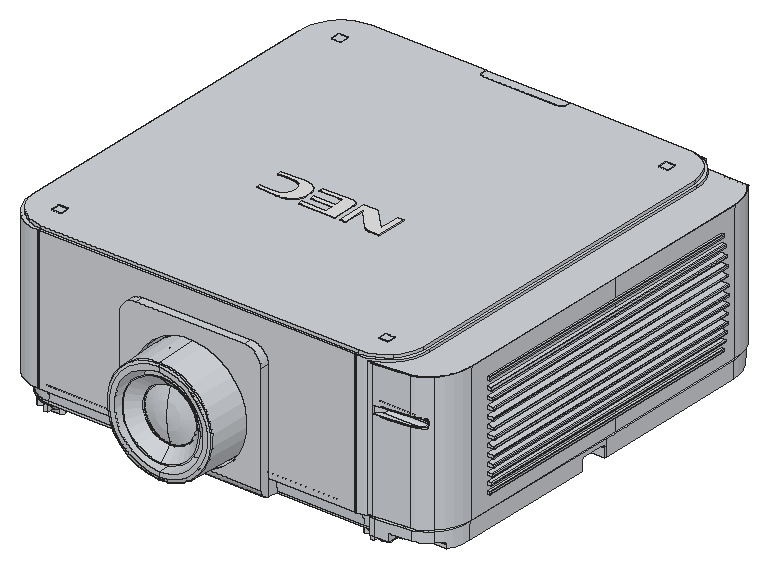
Revit family "PX602UL", category Generic Models, Revit 2012 (continued)
Forms (in)
  Extrusion 32, void
    sketch origin (0, 0, 0) x (0, 1, 0) y (0, 0, 1)
      loop
        line (12.80398, 2.75124) -> (13.86296, 2.75124)
        arc (13.86296, 2.75124) -> (13.87913, 2.75794) -> (13.88583, 2.77411) r 0.02286
        line (13.88583, 2.77411) -> (13.88583, 2.87547)
      loop
        arc (12.70472, 2.87547) -> (12.69844, 2.89063) -> (12.68328, 2.89691) r 0.02144
        line (12.68328, 2.89691) -> (11.58151, 2.89691)
        arc (11.58151, 2.89691) -> (11.56548, 2.89027) -> (11.55884, 2.87424) r 0.02267
        line (11.55884, 2.87424) -> (11.55884, 2.7703)
        arc (11.55884, 2.7703) -> (11.56604, 2.75297) -> (11.5834, 2.74586) r 0.02444
        line (11.5834, 2.74586) -> (12.68301, 2.75123)
        arc (12.68301, 2.75123) -> (12.69837, 2.75766) -> (12.70472, 2.77305) r 0.02182
        line (12.70472, 2.77305) -> (12.70472, 2.87547)
      loop
        line (11.48841, 2.77658) -> (11.48841, 2.8798)
        arc (11.48841, 2.8798) -> (11.48187, 2.89558) -> (11.46609, 2.90211) r 0.02231
        line (11.46609, 2.90211) -> (10.41449, 2.90198)
        arc (10.41449, 2.90198) -> (10.39144, 2.89242) -> (10.38189, 2.86937) r 0.03261
        line (10.38189, 2.86937) -> (10.38189, 2.77374)
        arc (10.38189, 2.77374) -> (10.38848, 2.75783) -> (10.40438, 2.75124) r 0.02249
        line (10.40438, 2.75124) -> (11.46307, 2.75124)
        arc (11.46307, 2.75124) -> (11.48098, 2.75867) -> (11.48841, 2.77658) r 0.02534
      loop
        arc (10.30315, 2.87559) -> (10.2969, 2.89067) -> (10.28183, 2.89691) r 0.02132
        line (10.28183, 2.89691) -> (9.22339, 2.89691)
        arc (9.22339, 2.89691) -> (9.20741, 2.89029) -> (9.20079, 2.87431) r 0.0226
        line (9.20079, 2.87431) -> (9.20079, 2.77271)
        arc (9.20079, 2.77271) -> (9.20707, 2.75753) -> (9.22225, 2.75124) r 0.02146
        line (9.22225, 2.75124) -> (10.28178, 2.75124)
        arc (10.28178, 2.75124) -> (10.29689, 2.7575) -> (10.30315, 2.77261) r 0.02137
        line (10.30315, 2.77261) -> (10.30315, 2.87559)
      loop
        arc (9.12205, 2.87576) -> (9.11585, 2.89072) -> (9.1009, 2.89691) r 0.02115
        line (9.1009, 2.89691) -> (8.04105, 2.89691)
        arc (8.04105, 2.89691) -> (8.02594, 2.89066) -> (8.01969, 2.87555) r 0.02137
        line (8.01969, 2.87555) -> (8.01969, 2.77225)
        arc (8.01969, 2.77225) -> (8.02584, 2.7574) -> (8.04069, 2.75124) r 0.021
        line (8.04069, 2.75124) -> (9.09901, 2.75124)
        arc (9.09901, 2.75124) -> (9.1153, 2.75799) -> (9.12205, 2.77428) r 0.02304
        line (9.12205, 2.77428) -> (9.12205, 2.87576)
      loop
        arc (7.94094, 2.87568) -> (7.93473, 2.8907) -> (7.91971, 2.89691) r 0.02123
        line (7.91971, 2.89691) -> (6.81961, 2.89691)
        arc (6.81961, 2.89691) -> (6.80519, 2.89094) -> (6.79921, 2.87652) r 0.0204
        line (6.79921, 2.87652) -> (6.79921, 2.77368)
        arc (6.79921, 2.77368) -> (6.80578, 2.75782) -> (6.82165, 2.75124) r 0.02244
        line (6.82165, 2.75124) -> (7.92041, 2.75124)
        arc (7.92041, 2.75124) -> (7.93493, 2.75726) -> (7.94094, 2.77178) r 0.02053
        line (7.94094, 2.77178) -> (7.94094, 2.87568)
      loop
        line (16.24803, 3.0029) -> (16.24803, 3.0968)
        arc (16.24803, 3.0968) -> (16.24035, 3.11536) -> (16.22179, 3.12305) r 0.02624
        line (16.22179, 3.12305) -> (15.16716, 3.12305)
        arc (15.16716, 3.12305) -> (15.15196, 3.11675) -> (15.14567, 3.10155) r 0.02149
        line (15.14567, 3.10155) -> (15.14567, 3.00045)
        arc (15.14567, 3.00045) -> (15.15243, 2.98413) -> (15.16874, 2.97738) r 0.02307
        line (15.16874, 2.97738) -> (16.22251, 2.97738)
        arc (16.22251, 2.97738) -> (16.24056, 2.98485) -> (16.24803, 3.0029) r 0.02552
      loop
        arc (15.06693, 3.10102) -> (15.06048, 3.11659) -> (15.0449, 3.12305) r 0.02203
        line (15.0449, 3.12305) -> (13.98681, 3.12305)
        arc (13.98681, 3.12305) -> (13.97108, 3.11653) -> (13.96457, 3.1008) r 0.02225
        line (13.96457, 3.1008) -> (13.96457, 2.99899)
        arc (13.96457, 2.99899) -> (13.9709, 2.98371) -> (13.98618, 2.97738) r 0.02161
        line (13.98618, 2.97738) -> (15.04456, 2.97738)
        arc (15.04456, 2.97738) -> (15.06038, 2.98393) -> (15.06693, 2.99975) r 0.02237
        line (15.06693, 2.99975) -> (15.06693, 3.10102)
      loop
        arc (13.88583, 3.1016) -> (13.87954, 3.11676) -> (13.86438, 3.12305) r 0.02145
        line (13.86438, 3.12305) -> (12.80478, 3.12305)
        arc (12.80478, 3.12305) -> (12.78971, 3.1168) -> (12.78346, 3.10173) r 0.02131
        line (12.78346, 3.10173) -> (12.78346, 2.99789)
        arc (12.78346, 2.99789) -> (12.78947, 2.98339) -> (12.80398, 2.97738) r 0.02052
        line (12.80398, 2.97738) -> (13.86296, 2.97738)
        arc (13.86296, 2.97738) -> (13.87913, 2.98407) -> (13.88583, 3.00024) r 0.02286
        line (13.88583, 3.00024) -> (13.88583, 3.1016)
      loop
        arc (12.70472, 3.1016) -> (12.69844, 3.11677) -> (12.68328, 3.12305) r 0.02144
        line (12.68328, 3.12305) -> (11.58151, 3.12305)
        arc (11.58151, 3.12305) -> (11.56548, 3.11641) -> (11.55884, 3.10038) r 0.02267
        line (11.55884, 3.10038) -> (11.55884, 2.99643)
        arc (11.55884, 2.99643) -> (11.56604, 2.9791) -> (11.5834, 2.97199) r 0.02444
        line (11.5834, 2.97199) -> (12.68301, 2.97737)
        arc (12.68301, 2.97737) -> (12.69837, 2.98379) -> (12.70472, 2.99918) r 0.02182
        line (12.70472, 2.99918) -> (12.70472, 3.1016)
      loop
        line (11.48841, 3.00272) -> (11.48841, 3.10593)
        arc (11.48841, 3.10593) -> (11.48187, 3.12171) -> (11.46609, 3.12824) r 0.02231
        line (11.46609, 3.12824) -> (10.41449, 3.12811)
        arc (10.41449, 3.12811) -> (10.39144, 3.11856) -> (10.38189, 3.0955) r 0.03261
        line (10.38189, 3.0955) -> (10.38189, 2.99987)
        arc (10.38189, 2.99987) -> (10.38848, 2.98396) -> (10.40438, 2.97738) r 0.02249
        line (10.40438, 2.97738) -> (11.46307, 2.97738)
        arc (11.46307, 2.97738) -> (11.48098, 2.9848) -> (11.48841, 3.00272) r 0.02534
      loop
        arc (10.30315, 3.10172) -> (10.2969, 3.1168) -> (10.28183, 3.12305) r 0.02132
        line (10.28183, 3.12305) -> (9.22339, 3.12305)
        arc (9.22339, 3.12305) -> (9.20741, 3.11643) -> (9.20079, 3.10044) r 0.0226
        line (9.20079, 3.10044) -> (9.20079, 2.99884)
        arc (9.20079, 2.99884) -> (9.20707, 2.98366) -> (9.22225, 2.97738) r 0.02146
        line (9.22225, 2.97738) -> (10.28178, 2.97738)
        arc (10.28178, 2.97738) -> (10.29689, 2.98364) -> (10.30315, 2.99874) r 0.02137
        line (10.30315, 2.99874) -> (10.30315, 3.10172)
      loop
        arc (9.12205, 3.10189) -> (9.11585, 3.11685) -> (9.1009, 3.12305) r 0.02115
        line (9.1009, 3.12305) -> (8.04105, 3.12305)
        arc (8.04105, 3.12305) -> (8.02594, 3.11679) -> (8.01969, 3.10168) r 0.02137
        line (8.01969, 3.10168) -> (8.01969, 2.99838)
        arc (8.01969, 2.99838) -> (8.02584, 2.98353) -> (8.04069, 2.97738) r 0.021
        line (8.04069, 2.97738) -> (9.09901, 2.97738)
        arc (9.09901, 2.97738) -> (9.1153, 2.98412) -> (9.12205, 3.00041) r 0.02304
        line (9.12205, 3.00041) -> (9.12205, 3.10189)
      loop
        arc (7.94094, 3.10181) -> (7.93473, 3.11683) -> (7.91971, 3.12305) r 0.02123
        line (7.91971, 3.12305) -> (6.81961, 3.12305)
        arc (6.81961, 3.12305) -> (6.80519, 3.11707) -> (6.79921, 3.10265) r 0.0204
        line (6.79921, 3.10265) -> (6.79921, 2.99982)
        arc (6.79921, 2.99982) -> (6.80578, 2.98395) -> (6.82165, 2.97738) r 0.02244
        line (6.82165, 2.97738) -> (7.92041, 2.97738)
        arc (7.92041, 2.97738) -> (7.93493, 2.98339) -> (7.94094, 2.99791) r 0.02053
        line (7.94094, 2.99791) -> (7.94094, 3.10181)
      loop
        line (16.24803, 3.22353) -> (16.24803, 3.31744)
        arc (16.24803, 3.31744) -> (16.24035, 3.336) -> (16.22179, 3.34368) r 0.02624
        line (16.22179, 3.34368) -> (15.16716, 3.34368)
        arc (15.16716, 3.34368) -> (15.15196, 3.33739) -> (15.14567, 3.32219) r 0.02149
        line (15.14567, 3.32219) -> (15.14567, 3.22109)
        arc (15.14567, 3.22109) -> (15.15243, 3.20477) -> (15.16874, 3.19801) r 0.02307
        line (15.16874, 3.19801) -> (16.22251, 3.19801)
        arc (16.22251, 3.19801) -> (16.24056, 3.20549) -> (16.24803, 3.22353) r 0.02552
      loop
        arc (15.06693, 3.32165) -> (15.06048, 3.33723) -> (15.0449, 3.34368) r 0.02203
        line (15.0449, 3.34368) -> (13.98681, 3.34368)
        arc (13.98681, 3.34368) -> (13.97108, 3.33717) -> (13.96457, 3.32143) r 0.02225
        line (13.96457, 3.32143) -> (13.96457, 3.21962)
        arc (13.96457, 3.21962) -> (13.9709, 3.20434) -> (13.98618, 3.19801) r 0.02161
        line (13.98618, 3.19801) -> (15.04456, 3.19801)
        arc (15.04456, 3.19801) -> (15.06038, 3.20456) -> (15.06693, 3.22038) r 0.02237
        line (15.06693, 3.22038) -> (15.06693, 3.32165)
      loop
        arc (13.88583, 3.32223) -> (13.87954, 3.3374) -> (13.86438, 3.34368) r 0.02145
        line (13.86438, 3.34368) -> (12.80478, 3.34368)
        arc (12.80478, 3.34368) -> (12.78971, 3.33744) -> (12.78346, 3.32237) r 0.02131
        line (12.78346, 3.32237) -> (12.78346, 3.21853)
        arc (12.78346, 3.21853) -> (12.78947, 3.20402) -> (12.80398, 3.19801) r 0.02052
        line (12.80398, 3.19801) -> (13.86296, 3.19801)
        arc (13.86296, 3.19801) -> (13.87913, 3.20471) -> (13.88583, 3.22088) r 0.02286
        line (13.88583, 3.22088) -> (13.88583, 3.32223)
      loop
        arc (12.70472, 3.32224) -> (12.69844, 3.3374) -> (12.68328, 3.34368) r 0.02144
        line (12.68328, 3.34368) -> (11.58151, 3.34368)
        arc (11.58151, 3.34368) -> (11.56548, 3.33704) -> (11.55884, 3.32101) r 0.02267
        line (11.55884, 3.32101) -> (11.55884, 3.21706)
        arc (11.55884, 3.21706) -> (11.56604, 3.19974) -> (11.5834, 3.19262) r 0.02444
        line (11.5834, 3.19262) -> (12.68301, 3.198)
        arc (12.68301, 3.198) -> (12.69837, 3.20443) -> (12.70472, 3.21982) r 0.02182
        line (12.70472, 3.21982) -> (12.70472, 3.32224)
      loop
        line (11.48841, 3.22335) -> (11.48841, 3.32657)
        arc (11.48841, 3.32657) -> (11.48187, 3.34234) -> (11.46609, 3.34888) r 0.02231
        line (11.46609, 3.34888) -> (10.41449, 3.34874)
        arc (10.41449, 3.34874) -> (10.39144, 3.33919) -> (10.38189, 3.31614) r 0.03261
        line (10.38189, 3.31614) -> (10.38189, 3.2205)
        arc (10.38189, 3.2205) -> (10.38848, 3.2046) -> (10.40438, 3.19801) r 0.02249
        line (10.40438, 3.19801) -> (11.46307, 3.19801)
        arc (11.46307, 3.19801) -> (11.48098, 3.20543) -> (11.48841, 3.22335) r 0.02534
      loop
        arc (10.30315, 3.32236) -> (10.2969, 3.33744) -> (10.28183, 3.34368) r 0.02132
        line (10.28183, 3.34368) -> (9.22339, 3.34368)
        arc (9.22339, 3.34368) -> (9.20741, 3.33706) -> (9.20079, 3.32108) r 0.0226
        line (9.20079, 3.32108) -> (9.20079, 3.21948)
        arc (9.20079, 3.21948) -> (9.20707, 3.2043) -> (9.22225, 3.19801) r 0.02146
        line (9.22225, 3.19801) -> (10.28178, 3.19801)
        arc (10.28178, 3.19801) -> (10.29689, 3.20427) -> (10.30315, 3.21938) r 0.02137
        line (10.30315, 3.21938) -> (10.30315, 3.32236)
      loop
        arc (9.12205, 3.32253) -> (9.11585, 3.33749) -> (9.1009, 3.34368) r 0.02115
        line (9.1009, 3.34368) -> (8.04105, 3.34368)
        arc (8.04105, 3.34368) -> (8.02594, 3.33742) -> (8.01969, 3.32231) r 0.02137
        line (8.01969, 3.32231) -> (8.01969, 3.21901)
        arc (8.01969, 3.21901) -> (8.02584, 3.20416) -> (8.04069, 3.19801) r 0.021
        line (8.04069, 3.19801) -> (9.09901, 3.19801)
        arc (9.09901, 3.19801) -> (9.1153, 3.20476) -> (9.12205, 3.22105) r 0.02304
        line (9.12205, 3.22105) -> (9.12205, 3.32253)
      loop
        arc (7.94094, 3.32245) -> (7.93473, 3.33746) -> (7.91971, 3.34368) r 0.02123
        line (7.91971, 3.34368) -> (6.81961, 3.34368)
        arc (6.81961, 3.34368) -> (6.80519, 3.33771) -> (6.79921, 3.32329) r 0.0204
        line (6.79921, 3.32329) -> (6.79921, 3.22045)
        arc (6.79921, 3.22045) -> (6.80578, 3.20458) -> (6.82165, 3.19801) r 0.02244
        line (6.82165, 3.19801) -> (7.92041, 3.19801)
        arc (7.92041, 3.19801) -> (7.93493, 3.20403) -> (7.94094, 3.21854) r 0.02053
        line (7.94094, 3.21854) -> (7.94094, 3.32245)
      loop
        line (16.24803, 3.4498) -> (16.24803, 3.54371)
        arc (16.24803, 3.54371) -> (16.24035, 3.56227) -> (16.22179, 3.56995) r 0.02624
        line (16.22179, 3.56995) -> (15.16716, 3.56995)
        arc (15.16716, 3.56995) -> (15.15196, 3.56366) -> (15.14567, 3.54846) r 0.02149
        line (15.14567, 3.54846) -> (15.14567, 3.44736)
        arc (15.14567, 3.44736) -> (15.15243, 3.43104) -> (15.16874, 3.42428) r 0.02307
        line (15.16874, 3.42428) -> (16.22251, 3.42428)
        arc (16.22251, 3.42428) -> (16.24056, 3.43176) -> (16.24803, 3.4498) r 0.02552
      loop
        arc (15.06693, 3.54792) -> (15.06048, 3.5635) -> (15.0449, 3.56995) r 0.02203
        line (15.0449, 3.56995) -> (13.98681, 3.56995)
        arc (13.98681, 3.56995) -> (13.97108, 3.56344) -> (13.96457, 3.54771) r 0.02225
        line (13.96457, 3.54771) -> (13.96457, 3.44589)
        arc (13.96457, 3.44589) -> (13.9709, 3.43061) -> (13.98618, 3.42428) r 0.02161
        line (13.98618, 3.42428) -> (15.04456, 3.42428)
        arc (15.04456, 3.42428) -> (15.06038, 3.43084) -> (15.06693, 3.44665) r 0.02237
        line (15.06693, 3.44665) -> (15.06693, 3.54792)
      loop
        arc (13.88583, 3.54851) -> (13.87954, 3.56367) -> (13.86438, 3.56995) r 0.02145
        line (13.86438, 3.56995) -> (12.80478, 3.56995)
        arc (12.80478, 3.56995) -> (12.78971, 3.56371) -> (12.78346, 3.54864) r 0.02131
        line (12.78346, 3.54864) -> (12.78346, 3.4448)
        arc (12.78346, 3.4448) -> (12.78947, 3.43029) -> (12.80398, 3.42428) r 0.02052
        line (12.80398, 3.42428) -> (13.86296, 3.42428)
        arc (13.86296, 3.42428) -> (13.87913, 3.43098) -> (13.88583, 3.44715) r 0.02286
        line (13.88583, 3.44715) -> (13.88583, 3.54851)
      loop
        arc (12.70472, 3.54851) -> (12.69844, 3.56367) -> (12.68328, 3.56995) r 0.02144
        line (12.68328, 3.56995) -> (11.58151, 3.56995)
        arc (11.58151, 3.56995) -> (11.56548, 3.56331) -> (11.55884, 3.54728) r 0.02267
        line (11.55884, 3.54728) -> (11.55884, 3.44334)
        arc (11.55884, 3.44334) -> (11.56604, 3.42601) -> (11.5834, 3.41889) r 0.02444
        line (11.5834, 3.41889) -> (12.68301, 3.42427)
        arc (12.68301, 3.42427) -> (12.69837, 3.4307) -> (12.70472, 3.44609) r 0.02182
        line (12.70472, 3.44609) -> (12.70472, 3.54851)
      loop
        line (11.48841, 3.44962) -> (11.48841, 3.55284)
        arc (11.48841, 3.55284) -> (11.48187, 3.56862) -> (11.46609, 3.57515) r 0.02231
        line (11.46609, 3.57515) -> (10.41449, 3.57502)
        arc (10.41449, 3.57502) -> (10.39144, 3.56546) -> (10.38189, 3.54241) r 0.03261
        line (10.38189, 3.54241) -> (10.38189, 3.44678)
        arc (10.38189, 3.44678) -> (10.38848, 3.43087) -> (10.40438, 3.42428) r 0.02249
        line (10.40438, 3.42428) -> (11.46307, 3.42428)
        arc (11.46307, 3.42428) -> (11.48098, 3.43171) -> (11.48841, 3.44962) r 0.02534
      loop
        arc (10.30315, 3.54863) -> (10.2969, 3.56371) -> (10.28183, 3.56995) r 0.02132
        line (10.28183, 3.56995) -> (9.22339, 3.56995)
        arc (9.22339, 3.56995) -> (9.20741, 3.56333) -> (9.20079, 3.54735) r 0.0226
        line (9.20079, 3.54735) -> (9.20079, 3.44575)
        arc (9.20079, 3.44575) -> (9.20707, 3.43057) -> (9.22225, 3.42428) r 0.02146
        line (9.22225, 3.42428) -> (10.28178, 3.42428)
        arc (10.28178, 3.42428) -> (10.29689, 3.43054) -> (10.30315, 3.44565) r 0.02137
        line (10.30315, 3.44565) -> (10.30315, 3.54863)
      loop
        arc (9.12205, 3.5488) -> (9.11585, 3.56376) -> (9.1009, 3.56995) r 0.02115
        line (9.1009, 3.56995) -> (8.04105, 3.56995)
        arc (8.04105, 3.56995) -> (8.02594, 3.5637) -> (8.01969, 3.54859) r 0.02137
        line (8.01969, 3.54859) -> (8.01969, 3.44529)
        arc (8.01969, 3.44529) -> (8.02584, 3.43044) -> (8.04069, 3.42428) r 0.021
        line (8.04069, 3.42428) -> (9.09901, 3.42428)
        arc (9.09901, 3.42428) -> (9.1153, 3.43103) -> (9.12205, 3.44732) r 0.02304
        line (9.12205, 3.44732) -> (9.12205, 3.5488)
      loop
        arc (7.94094, 3.54872) -> (7.93473, 3.56373) -> (7.91971, 3.56995) r 0.02123
        line (7.91971, 3.56995) -> (6.81961, 3.56995)
        arc (6.81961, 3.56995) -> (6.80519, 3.56398) -> (6.79921, 3.54956) r 0.0204
        line (6.79921, 3.54956) -> (6.79921, 3.44672)
        arc (6.79921, 3.44672) -> (6.80578, 3.43086) -> (6.82165, 3.42428) r 0.02244
        line (6.82165, 3.42428) -> (7.92041, 3.42428)
        arc (7.92041, 3.42428) -> (7.93493, 3.4303) -> (7.94094, 3.44482) r 0.02053
        line (7.94094, 3.44482) -> (7.94094, 3.54872)
      loop
        line (16.24803, 3.67506) -> (16.24803, 3.76896)
        arc (16.24803, 3.76896) -> (16.24035, 3.78752) -> (16.22179, 3.79521) r 0.02624
        line (16.22179, 3.79521) -> (15.16716, 3.79521)
        arc (15.16716, 3.79521) -> (15.15196, 3.78891) -> (15.14567, 3.77371) r 0.02149
        line (15.14567, 3.77371) -> (15.14567, 3.67261)
        arc (15.14567, 3.67261) -> (15.15243, 3.6563) -> (15.16874, 3.64954) r 0.02307
        line (15.16874, 3.64954) -> (16.22251, 3.64954)
        arc (16.22251, 3.64954) -> (16.24056, 3.65701) -> (16.24803, 3.67506) r 0.02552
      loop
        arc (15.06693, 3.77318) -> (15.06048, 3.78875) -> (15.0449, 3.79521) r 0.02203
        line (15.0449, 3.79521) -> (13.98681, 3.79521)
        arc (13.98681, 3.79521) -> (13.97108, 3.78869) -> (13.96457, 3.77296) r 0.02225
        line (13.96457, 3.77296) -> (13.96457, 3.67115)
        arc (13.96457, 3.67115) -> (13.9709, 3.65587) -> (13.98618, 3.64954) r 0.02161
        line (13.98618, 3.64954) -> (15.04456, 3.64954)
        arc (15.04456, 3.64954) -> (15.06038, 3.65609) -> (15.06693, 3.67191) r 0.02237
        line (15.06693, 3.67191) -> (15.06693, 3.77318)
      loop
        arc (13.88583, 3.77376) -> (13.87954, 3.78892) -> (13.86438, 3.79521) r 0.02145
        line (13.86438, 3.79521) -> (12.80478, 3.79521)
        arc (12.80478, 3.79521) -> (12.78971, 3.78896) -> (12.78346, 3.77389) r 0.02131
        line (12.78346, 3.77389) -> (12.78346, 3.67005)
        arc (12.78346, 3.67005) -> (12.78947, 3.65555) -> (12.80398, 3.64954) r 0.02052
        line (12.80398, 3.64954) -> (13.86296, 3.64954)
        arc (13.86296, 3.64954) -> (13.87913, 3.65623) -> (13.88583, 3.6724) r 0.02286
        line (13.88583, 3.6724) -> (13.88583, 3.77376)
      loop
        arc (12.70472, 3.77377) -> (12.69844, 3.78893) -> (12.68328, 3.79521) r 0.02144
        line (12.68328, 3.79521) -> (11.58151, 3.79521)
        arc (11.58151, 3.79521) -> (11.56548, 3.78857) -> (11.55884, 3.77254) r 0.02267
        line (11.55884, 3.77254) -> (11.55884, 3.66859)
        arc (11.55884, 3.66859) -> (11.56604, 3.65126) -> (11.5834, 3.64415) r 0.02444
        line (11.5834, 3.64415) -> (12.68301, 3.64953)
        arc (12.68301, 3.64953) -> (12.69837, 3.65595) -> (12.70472, 3.67134) r 0.02182
        line (12.70472, 3.67134) -> (12.70472, 3.77377)
      loop
        line (11.48841, 3.67488) -> (11.48841, 3.77809)
        arc (11.48841, 3.77809) -> (11.48187, 3.79387) -> (11.46609, 3.8004) r 0.02231
        line (11.46609, 3.8004) -> (10.41449, 3.80027)
        arc (10.41449, 3.80027) -> (10.39144, 3.79072) -> (10.38189, 3.76766) r 0.03261
        line (10.38189, 3.76766) -> (10.38189, 3.67203)
        arc (10.38189, 3.67203) -> (10.38848, 3.65612) -> (10.40438, 3.64954) r 0.02249
        line (10.40438, 3.64954) -> (11.46307, 3.64954)
        arc (11.46307, 3.64954) -> (11.48098, 3.65696) -> (11.48841, 3.67488) r 0.02534
      loop
        arc (10.30315, 3.77388) -> (10.2969, 3.78896) -> (10.28183, 3.79521) r 0.02132
        line (10.28183, 3.79521) -> (9.22339, 3.79521)
        arc (9.22339, 3.79521) -> (9.20741, 3.78859) -> (9.20079, 3.7726) r 0.0226
        line (9.20079, 3.7726) -> (9.20079, 3.671)
        arc (9.20079, 3.671) -> (9.20707, 3.65582) -> (9.22225, 3.64954) r 0.02146
        line (9.22225, 3.64954) -> (10.28178, 3.64954)
        arc (10.28178, 3.64954) -> (10.29689, 3.6558) -> (10.30315, 3.67091) r 0.02137
        line (10.30315, 3.67091) -> (10.30315, 3.77388)
      loop
        arc (9.12205, 3.77406) -> (9.11585, 3.78901) -> (9.1009, 3.79521) r 0.02115
        line (9.1009, 3.79521) -> (8.04105, 3.79521)
        arc (8.04105, 3.79521) -> (8.02594, 3.78895) -> (8.01969, 3.77384) r 0.02137
        line (8.01969, 3.77384) -> (8.01969, 3.67054)
        arc (8.01969, 3.67054) -> (8.02584, 3.65569) -> (8.04069, 3.64954) r 0.021
        line (8.04069, 3.64954) -> (9.09901, 3.64954)
        arc (9.09901, 3.64954) -> (9.1153, 3.65628) -> (9.12205, 3.67258) r 0.02304
        line (9.12205, 3.67258) -> (9.12205, 3.77406)
      loop
        arc (7.94094, 3.77397) -> (7.93473, 3.78899) -> (7.91971, 3.79521) r 0.02123
        line (7.91971, 3.79521) -> (6.81961, 3.79521)
        arc (6.81961, 3.79521) -> (6.80519, 3.78923) -> (6.79921, 3.77481) r 0.0204
        line (6.79921, 3.77481) -> (6.79921, 3.67198)
        arc (6.79921, 3.67198) -> (6.80578, 3.65611) -> (6.82165, 3.64954) r 0.02244
        line (6.82165, 3.64954) -> (7.92041, 3.64954)
        arc (7.92041, 3.64954) -> (7.93493, 3.65555) -> (7.94094, 3.67007) r 0.02053
        line (7.94094, 3.67007) -> (7.94094, 3.77397)
      loop
        line (16.24803, 3.89716) -> (16.24803, 3.99106)
        arc (16.24803, 3.99106) -> (16.24035, 4.00962) -> (16.22179, 4.01731) r 0.02624
        line (16.22179, 4.01731) -> (15.16716, 4.01731)
        arc (15.16716, 4.01731) -> (15.15196, 4.01101) -> (15.14567, 3.99581) r 0.02149
        line (15.14567, 3.99581) -> (15.14567, 3.89471)
        arc (15.14567, 3.89471) -> (15.15243, 3.8784) -> (15.16874, 3.87164) r 0.02307
        line (15.16874, 3.87164) -> (16.22251, 3.87164)
        arc (16.22251, 3.87164) -> (16.24056, 3.87911) -> (16.24803, 3.89716) r 0.02552
      loop
        arc (15.06693, 3.99528) -> (15.06048, 4.01085) -> (15.0449, 4.01731) r 0.02203
        line (15.0449, 4.01731) -> (13.98681, 4.01731)
        arc (13.98681, 4.01731) -> (13.97108, 4.01079) -> (13.96457, 3.99506) r 0.02225
        line (13.96457, 3.99506) -> (13.96457, 3.89325)
        arc (13.96457, 3.89325) -> (13.9709, 3.87797) -> (13.98618, 3.87164) r 0.02161
        line (13.98618, 3.87164) -> (15.04456, 3.87164)
        arc (15.04456, 3.87164) -> (15.06038, 3.87819) -> (15.06693, 3.89401) r 0.02237
        line (15.06693, 3.89401) -> (15.06693, 3.99528)
      loop
        arc (13.88583, 3.99586) -> (13.87954, 4.01102) -> (13.86438, 4.01731) r 0.02145
        line (13.86438, 4.01731) -> (12.80478, 4.01731)
        arc (12.80478, 4.01731) -> (12.78971, 4.01106) -> (12.78346, 3.99599) r 0.02131
        line (12.78346, 3.99599) -> (12.78346, 3.89215)
        arc (12.78346, 3.89215) -> (12.78947, 3.87765) -> (12.80398, 3.87164) r 0.02052
        line (12.80398, 3.87164) -> (13.86296, 3.87164)
        arc (13.86296, 3.87164) -> (13.87913, 3.87833) -> (13.88583, 3.8945) r 0.02286
        line (13.88583, 3.8945) -> (13.88583, 3.99586)
      loop
        arc (12.70472, 3.99587) -> (12.69844, 4.01103) -> (12.68328, 4.01731) r 0.02144
        line (12.68328, 4.01731) -> (11.58151, 4.01731)
        arc (11.58151, 4.01731) -> (11.56548, 4.01067) -> (11.55884, 3.99464) r 0.02267
        line (11.55884, 3.99464) -> (11.55884, 3.89069)
        arc (11.55884, 3.89069) -> (11.56604, 3.87336) -> (11.5834, 3.86625) r 0.02444
        line (11.5834, 3.86625) -> (12.68301, 3.87163)
        arc (12.68301, 3.87163) -> (12.69837, 3.87805) -> (12.70472, 3.89344) r 0.02182
        line (12.70472, 3.89344) -> (12.70472, 3.99587)
      loop
        line (11.48841, 3.89698) -> (11.48841, 4.00019)
        arc (11.48841, 4.00019) -> (11.48187, 4.01597) -> (11.46609, 4.0225) r 0.02231
        line (11.46609, 4.0225) -> (10.41449, 4.02237)
        arc (10.41449, 4.02237) -> (10.39144, 4.01282) -> (10.38189, 3.98976) r 0.03261
        line (10.38189, 3.98976) -> (10.38189, 3.89413)
        arc (10.38189, 3.89413) -> (10.38848, 3.87822) -> (10.40438, 3.87164) r 0.02249
        line (10.40438, 3.87164) -> (11.46307, 3.87164)
        arc (11.46307, 3.87164) -> (11.48098, 3.87906) -> (11.48841, 3.89698) r 0.02534
      loop
        arc (10.30315, 3.99598) -> (10.2969, 4.01106) -> (10.28183, 4.01731) r 0.02132
        line (10.28183, 4.01731) -> (9.22339, 4.01731)
        arc (9.22339, 4.01731) -> (9.20741, 4.01069) -> (9.20079, 3.9947) r 0.0226
        line (9.20079, 3.9947) -> (9.20079, 3.8931)
        arc (9.20079, 3.8931) -> (9.20707, 3.87792) -> (9.22225, 3.87164) r 0.02146
        line (9.22225, 3.87164) -> (10.28178, 3.87164)
        arc (10.28178, 3.87164) -> (10.29689, 3.8779) -> (10.30315, 3.89301) r 0.02137
        line (10.30315, 3.89301) -> (10.30315, 3.99598)
      loop
        arc (9.12205, 3.99616) -> (9.11585, 4.01111) -> (9.1009, 4.01731) r 0.02115
        line (9.1009, 4.01731) -> (8.04105, 4.01731)
        arc (8.04105, 4.01731) -> (8.02594, 4.01105) -> (8.01969, 3.99594) r 0.02137
        line (8.01969, 3.99594) -> (8.01969, 3.89264)
        arc (8.01969, 3.89264) -> (8.02584, 3.87779) -> (8.04069, 3.87164) r 0.021
        line (8.04069, 3.87164) -> (9.09901, 3.87164)
        arc (9.09901, 3.87164) -> (9.1153, 3.87839) -> (9.12205, 3.89468) r 0.02304
        line (9.12205, 3.89468) -> (9.12205, 3.99616)
      loop
        arc (7.94094, 3.99608) -> (7.93473, 4.01109) -> (7.91971, 4.01731) r 0.02123
        line (7.91971, 4.01731) -> (6.81961, 4.01731)
        arc (6.81961, 4.01731) -> (6.80519, 4.01133) -> (6.79921, 3.99691) r 0.0204
        line (6.79921, 3.99691) -> (6.79921, 3.89408)
        arc (6.79921, 3.89408) -> (6.80578, 3.87821) -> (6.82165, 3.87164) r 0.02244
        line (6.82165, 3.87164) -> (7.92041, 3.87164)
        arc (7.92041, 3.87164) -> (7.93493, 3.87765) -> (7.94094, 3.89217) r 0.02053
        line (7.94094, 3.89217) -> (7.94094, 3.99608)
      loop
        line (16.24803, 4.1206) -> (16.24803, 4.21451)
        arc (16.24803, 4.21451) -> (16.24035, 4.23307) -> (16.22179, 4.24075) r 0.02624
        line (16.22179, 4.24075) -> (15.16716, 4.24075)
        arc (15.16716, 4.24075) -> (15.15196, 4.23446) -> (15.14567, 4.21926) r 0.02149
        line (15.14567, 4.21926) -> (15.14567, 4.11816)
        arc (15.14567, 4.11816) -> (15.15243, 4.10184) -> (15.16874, 4.09509) r 0.02307
        line (15.16874, 4.09509) -> (16.22251, 4.09509)
        arc (16.22251, 4.09509) -> (16.24056, 4.10256) -> (16.24803, 4.1206) r 0.02552
      loop
        arc (15.06693, 4.21872) -> (15.06048, 4.2343) -> (15.0449, 4.24075) r 0.02203
        line (15.0449, 4.24075) -> (13.98681, 4.24075)
        arc (13.98681, 4.24075) -> (13.97108, 4.23424) -> (13.96457, 4.21851) r 0.02225
        line (13.96457, 4.21851) -> (13.96457, 4.11669)
        arc (13.96457, 4.11669) -> (13.9709, 4.10141) -> (13.98618, 4.09509) r 0.02161
        line (13.98618, 4.09509) -> (15.04456, 4.09509)
        arc (15.04456, 4.09509) -> (15.06038, 4.10164) -> (15.06693, 4.11745) r 0.02237
        line (15.06693, 4.11745) -> (15.06693, 4.21872)
      loop
        arc (13.88583, 4.21931) -> (13.87954, 4.23447) -> (13.86438, 4.24075) r 0.02145
        line (13.86438, 4.24075) -> (12.80478, 4.24075)
        arc (12.80478, 4.24075) -> (12.78971, 4.23451) -> (12.78346, 4.21944) r 0.02131
        line (12.78346, 4.21944) -> (12.78346, 4.1156)
        arc (12.78346, 4.1156) -> (12.78947, 4.10109) -> (12.80398, 4.09509) r 0.02052
        line (12.80398, 4.09509) -> (13.86296, 4.09509)
        arc (13.86296, 4.09509) -> (13.87913, 4.10178) -> (13.88583, 4.11795) r 0.02286
        line (13.88583, 4.11795) -> (13.88583, 4.21931)
      loop
        arc (12.70472, 4.21931) -> (12.69844, 4.23447) -> (12.68328, 4.24075) r 0.02144
        line (12.68328, 4.24075) -> (11.58151, 4.24075)
        arc (11.58151, 4.24075) -> (11.56548, 4.23411) -> (11.55884, 4.21808) r 0.02267
        line (11.55884, 4.21808) -> (11.55884, 4.11414)
        arc (11.55884, 4.11414) -> (11.56604, 4.09681) -> (11.5834, 4.0897) r 0.02444
        line (11.5834, 4.0897) -> (12.68301, 4.09508)
        arc (12.68301, 4.09508) -> (12.69837, 4.1015) -> (12.70472, 4.11689) r 0.02182
        line (12.70472, 4.11689) -> (12.70472, 4.21931)
      loop
        line (11.48841, 4.12042) -> (11.48841, 4.22364)
        arc (11.48841, 4.22364) -> (11.48187, 4.23942) -> (11.46609, 4.24595) r 0.02231
        line (11.46609, 4.24595) -> (10.41449, 4.24582)
        arc (10.41449, 4.24582) -> (10.39144, 4.23626) -> (10.38189, 4.21321) r 0.03261
        line (10.38189, 4.21321) -> (10.38189, 4.11758)
        arc (10.38189, 4.11758) -> (10.38848, 4.10167) -> (10.40438, 4.09509) r 0.02249
        line (10.40438, 4.09509) -> (11.46307, 4.09509)
        arc (11.46307, 4.09509) -> (11.48098, 4.10251) -> (11.48841, 4.12042) r 0.02534
      loop
        arc (10.30315, 4.21943) -> (10.2969, 4.23451) -> (10.28183, 4.24075) r 0.02132
        line (10.28183, 4.24075) -> (9.22339, 4.24075)
        arc (9.22339, 4.24075) -> (9.20741, 4.23413) -> (9.20079, 4.21815) r 0.0226
        line (9.20079, 4.21815) -> (9.20079, 4.11655)
        arc (9.20079, 4.11655) -> (9.20707, 4.10137) -> (9.22225, 4.09509) r 0.02146
        line (9.22225, 4.09509) -> (10.28178, 4.09509)
        arc (10.28178, 4.09509) -> (10.29689, 4.10134) -> (10.30315, 4.11645) r 0.02137
        line (10.30315, 4.11645) -> (10.30315, 4.21943)
      loop
        arc (9.12205, 4.2196) -> (9.11585, 4.23456) -> (9.1009, 4.24075) r 0.02115
        line (9.1009, 4.24075) -> (8.04105, 4.24075)
        arc (8.04105, 4.24075) -> (8.02594, 4.2345) -> (8.01969, 4.21939) r 0.02137
        line (8.01969, 4.21939) -> (8.01969, 4.11609)
        arc (8.01969, 4.11609) -> (8.02584, 4.10124) -> (8.04069, 4.09509) r 0.021
        line (8.04069, 4.09509) -> (9.09901, 4.09509)
        arc (9.09901, 4.09509) -> (9.1153, 4.10183) -> (9.12205, 4.11812) r 0.02304
        line (9.12205, 4.11812) -> (9.12205, 4.2196)
      loop
        arc (7.94094, 4.21952) -> (7.93473, 4.23454) -> (7.91971, 4.24075) r 0.02123
        line (7.91971, 4.24075) -> (6.81961, 4.24075)
        arc (6.81961, 4.24075) -> (6.80519, 4.23478) -> (6.79921, 4.22036) r 0.0204
        line (6.79921, 4.22036) -> (6.79921, 4.11752)
        arc (6.79921, 4.11752) -> (6.80578, 4.10166) -> (6.82165, 4.09509) r 0.02244
        line (6.82165, 4.09509) -> (7.92041, 4.09509)
        arc (7.92041, 4.09509) -> (7.93493, 4.1011) -> (7.94094, 4.11562) r 0.02053
        line (7.94094, 4.11562) -> (7.94094, 4.21952)
      loop
        line (16.24803, 4.3488) -> (16.24803, 4.4427)
        arc (16.24803, 4.4427) -> (16.24035, 4.46126) -> (16.22179, 4.46895) r 0.02624
        line (16.22179, 4.46895) -> (15.16716, 4.46895)
        arc (15.16716, 4.46895) -> (15.15196, 4.46265) -> (15.14567, 4.44745) r 0.02149
        line (15.14567, 4.44745) -> (15.14567, 4.34635)
        arc (15.14567, 4.34635) -> (15.15243, 4.33003) -> (15.16874, 4.32328) r 0.02307
        line (15.16874, 4.32328) -> (16.22251, 4.32328)
        arc (16.22251, 4.32328) -> (16.24056, 4.33075) -> (16.24803, 4.3488) r 0.02552
      loop
        arc (15.06693, 4.44692) -> (15.06048, 4.46249) -> (15.0449, 4.46895) r 0.02203
        line (15.0449, 4.46895) -> (13.98681, 4.46895)
        arc (13.98681, 4.46895) -> (13.97108, 4.46243) -> (13.96457, 4.4467) r 0.02225
        line (13.96457, 4.4467) -> (13.96457, 4.34489)
        arc (13.96457, 4.34489) -> (13.9709, 4.32961) -> (13.98618, 4.32328) r 0.02161
        line (13.98618, 4.32328) -> (15.04456, 4.32328)
        arc (15.04456, 4.32328) -> (15.06038, 4.32983) -> (15.06693, 4.34565) r 0.02237
        line (15.06693, 4.34565) -> (15.06693, 4.44692)
      loop
        arc (13.88583, 4.4475) -> (13.87954, 4.46266) -> (13.86438, 4.46895) r 0.02145
        line (13.86438, 4.46895) -> (12.80478, 4.46895)
        arc (12.80478, 4.46895) -> (12.78971, 4.4627) -> (12.78346, 4.44763) r 0.02131
        line (12.78346, 4.44763) -> (12.78346, 4.34379)
        arc (12.78346, 4.34379) -> (12.78947, 4.32929) -> (12.80398, 4.32328) r 0.02052
        line (12.80398, 4.32328) -> (13.86296, 4.32328)
        arc (13.86296, 4.32328) -> (13.87913, 4.32997) -> (13.88583, 4.34614) r 0.02286
        line (13.88583, 4.34614) -> (13.88583, 4.4475)
      loop
        arc (12.70472, 4.4475) -> (12.69844, 4.46267) -> (12.68328, 4.46895) r 0.02144
        line (12.68328, 4.46895) -> (11.58151, 4.46895)
        arc (11.58151, 4.46895) -> (11.56548, 4.46231) -> (11.55884, 4.44628) r 0.02267
        line (11.55884, 4.44628) -> (11.55884, 4.34233)
        arc (11.55884, 4.34233) -> (11.56604, 4.325) -> (11.5834, 4.31789) r 0.02444
        line (11.5834, 4.31789) -> (12.68301, 4.32327)
        arc (12.68301, 4.32327) -> (12.69837, 4.32969) -> (12.70472, 4.34508) r 0.02182
        line (12.70472, 4.34508) -> (12.70472, 4.4475)
      loop
        line (11.48841, 4.34862) -> (11.48841, 4.45183)
        arc (11.48841, 4.45183) -> (11.48187, 4.46761) -> (11.46609, 4.47414) r 0.02231
        line (11.46609, 4.47414) -> (10.41449, 4.47401)
        arc (10.41449, 4.47401) -> (10.39144, 4.46446) -> (10.38189, 4.4414) r 0.03261
        line (10.38189, 4.4414) -> (10.38189, 4.34577)
        arc (10.38189, 4.34577) -> (10.38848, 4.32986) -> (10.40438, 4.32328) r 0.02249
        line (10.40438, 4.32328) -> (11.46307, 4.32328)
        arc (11.46307, 4.32328) -> (11.48098, 4.3307) -> (11.48841, 4.34862) r 0.02534
      loop
        arc (10.30315, 4.44762) -> (10.2969, 4.4627) -> (10.28183, 4.46895) r 0.02132
        line (10.28183, 4.46895) -> (9.22339, 4.46895)
        arc (9.22339, 4.46895) -> (9.20741, 4.46233) -> (9.20079, 4.44634) r 0.0226
        line (9.20079, 4.44634) -> (9.20079, 4.34474)
        arc (9.20079, 4.34474) -> (9.20707, 4.32956) -> (9.22225, 4.32328) r 0.02146
        line (9.22225, 4.32328) -> (10.28178, 4.32328)
        arc (10.28178, 4.32328) -> (10.29689, 4.32954) -> (10.30315, 4.34465) r 0.02137
        line (10.30315, 4.34465) -> (10.30315, 4.44762)
      loop
        arc (9.12205, 4.44779) -> (9.11585, 4.46275) -> (9.1009, 4.46895) r 0.02115
        line (9.1009, 4.46895) -> (8.04105, 4.46895)
        arc (8.04105, 4.46895) -> (8.02594, 4.46269) -> (8.01969, 4.44758) r 0.02137
        line (8.01969, 4.44758) -> (8.01969, 4.34428)
        arc (8.01969, 4.34428) -> (8.02584, 4.32943) -> (8.04069, 4.32328) r 0.021
        line (8.04069, 4.32328) -> (9.09901, 4.32328)
        arc (9.09901, 4.32328) -> (9.1153, 4.33002) -> (9.12205, 4.34631) r 0.02304
        line (9.12205, 4.34631) -> (9.12205, 4.44779)
      loop
        arc (7.94094, 4.44771) -> (7.93473, 4.46273) -> (7.91971, 4.46895) r 0.02123
        line (7.91971, 4.46895) -> (6.81961, 4.46895)
        arc (6.81961, 4.46895) -> (6.80519, 4.46297) -> (6.79921, 4.44855) r 0.0204
        line (6.79921, 4.44855) -> (6.79921, 4.34572)
        arc (6.79921, 4.34572) -> (6.80578, 4.32985) -> (6.82165, 4.32328) r 0.02244
        line (6.82165, 4.32328) -> (7.92041, 4.32328)
        arc (7.92041, 4.32328) -> (7.93493, 4.32929) -> (7.94094, 4.34381) r 0.02053
        line (7.94094, 4.34381) -> (7.94094, 4.44771)
      loop
        line (16.24803, 4.57507) -> (16.24803, 4.66898)
        arc (16.24803, 4.66898) -> (16.24035, 4.68753) -> (16.22179, 4.69522) r 0.02624
        line (16.22179, 4.69522) -> (15.16716, 4.69522)
        arc (15.16716, 4.69522) -> (15.15196, 4.68892) -> (15.14567, 4.67373) r 0.02149
        line (15.14567, 4.67373) -> (15.14567, 4.57262)
        arc (15.14567, 4.57262) -> (15.15243, 4.55631) -> (15.16874, 4.54955) r 0.02307
        line (15.16874, 4.54955) -> (16.22251, 4.54955)
        arc (16.22251, 4.54955) -> (16.24056, 4.55702) -> (16.24803, 4.57507) r 0.02552
      loop
        arc (15.06693, 4.67319) -> (15.06048, 4.68877) -> (15.0449, 4.69522) r 0.02203
        line (15.0449, 4.69522) -> (13.98681, 4.69522)
        arc (13.98681, 4.69522) -> (13.97108, 4.6887) -> (13.96457, 4.67297) r 0.02225
        line (13.96457, 4.67297) -> (13.96457, 4.57116)
        arc (13.96457, 4.57116) -> (13.9709, 4.55588) -> (13.98618, 4.54955) r 0.02161
        line (13.98618, 4.54955) -> (15.04456, 4.54955)
        arc (15.04456, 4.54955) -> (15.06038, 4.5561) -> (15.06693, 4.57192) r 0.02237
        line (15.06693, 4.57192) -> (15.06693, 4.67319)
      loop
        arc (13.88583, 4.67377) -> (13.87954, 4.68894) -> (13.86438, 4.69522) r 0.02145
        line (13.86438, 4.69522) -> (12.80478, 4.69522)
        arc (12.80478, 4.69522) -> (12.78971, 4.68897) -> (12.78346, 4.6739) r 0.02131
        line (12.78346, 4.6739) -> (12.78346, 4.57007)
        arc (12.78346, 4.57007) -> (12.78947, 4.55556) -> (12.80398, 4.54955) r 0.02052
        line (12.80398, 4.54955) -> (13.86296, 4.54955)
        arc (13.86296, 4.54955) -> (13.87913, 4.55625) -> (13.88583, 4.57241) r 0.02286
        line (13.88583, 4.57241) -> (13.88583, 4.67377)
      loop
        arc (12.70472, 4.67378) -> (12.69844, 4.68894) -> (12.68328, 4.69522) r 0.02144
        line (12.68328, 4.69522) -> (11.58151, 4.69522)
        arc (11.58151, 4.69522) -> (11.56548, 4.68858) -> (11.55884, 4.67255) r 0.02267
        line (11.55884, 4.67255) -> (11.55884, 4.5686)
        arc (11.55884, 4.5686) -> (11.56604, 4.55128) -> (11.5834, 4.54416) r 0.02444
        line (11.5834, 4.54416) -> (12.68301, 4.54954)
        arc (12.68301, 4.54954) -> (12.69837, 4.55597) -> (12.70472, 4.57135) r 0.02182
        line (12.70472, 4.57135) -> (12.70472, 4.67378)
      loop
        line (11.48841, 4.57489) -> (11.48841, 4.6781)
        arc (11.48841, 4.6781) -> (11.48187, 4.69388) -> (11.46609, 4.70041) r 0.02231
        line (11.46609, 4.70041) -> (10.41449, 4.70028)
        arc (10.41449, 4.70028) -> (10.39144, 4.69073) -> (10.38189, 4.66767) r 0.03261
        line (10.38189, 4.66767) -> (10.38189, 4.57204)
        arc (10.38189, 4.57204) -> (10.38848, 4.55614) -> (10.40438, 4.54955) r 0.02249
        line (10.40438, 4.54955) -> (11.46307, 4.54955)
        arc (11.46307, 4.54955) -> (11.48098, 4.55697) -> (11.48841, 4.57489) r 0.02534
      loop
        arc (10.30315, 4.6739) -> (10.2969, 4.68897) -> (10.28183, 4.69522) r 0.02132
        line (10.28183, 4.69522) -> (9.22339, 4.69522)
        arc (9.22339, 4.69522) -> (9.20741, 4.6886) -> (9.20079, 4.67261) r 0.0226
        line (9.20079, 4.67261) -> (9.20079, 4.57101)
        arc (9.20079, 4.57101) -> (9.20707, 4.55584) -> (9.22225, 4.54955) r 0.02146
        line (9.22225, 4.54955) -> (10.28178, 4.54955)
        arc (10.28178, 4.54955) -> (10.29689, 4.55581) -> (10.30315, 4.57092) r 0.02137
        line (10.30315, 4.57092) -> (10.30315, 4.6739)
      loop
        arc (9.12205, 4.67407) -> (9.11585, 4.68902) -> (9.1009, 4.69522) r 0.02115
        line (9.1009, 4.69522) -> (8.04105, 4.69522)
        arc (8.04105, 4.69522) -> (8.02594, 4.68896) -> (8.01969, 4.67385) r 0.02137
        line (8.01969, 4.67385) -> (8.01969, 4.57055)
        arc (8.01969, 4.57055) -> (8.02584, 4.5557) -> (8.04069, 4.54955) r 0.021
        line (8.04069, 4.54955) -> (9.09901, 4.54955)
        arc (9.09901, 4.54955) -> (9.1153, 4.5563) -> (9.12205, 4.57259) r 0.02304
        line (9.12205, 4.57259) -> (9.12205, 4.67407)
      loop
        arc (7.94094, 4.67399) -> (7.93473, 4.689) -> (7.91971, 4.69522) r 0.02123
        line (7.91971, 4.69522) -> (6.81961, 4.69522)
        arc (6.81961, 4.69522) -> (6.80519, 4.68924) -> (6.79921, 4.67482) r 0.0204
        line (6.79921, 4.67482) -> (6.79921, 4.57199)
        arc (6.79921, 4.57199) -> (6.80578, 4.55612) -> (6.82165, 4.54955) r 0.02244
        line (6.82165, 4.54955) -> (7.92041, 4.54955)
        arc (7.92041, 4.54955) -> (7.93493, 4.55556) -> (7.94094, 4.57008) r 0.02053
        line (7.94094, 4.57008) -> (7.94094, 4.67399)
      loop
        line (16.24803, 4.79797) -> (16.24803, 4.89188)
        arc (16.24803, 4.89188) -> (16.24035, 4.91043) -> (16.22179, 4.91812) r 0.02624
        line (16.22179, 4.91812) -> (15.16716, 4.91812)
        arc (15.16716, 4.91812) -> (15.15196, 4.91182) -> (15.14567, 4.89663) r 0.02149
        line (15.14567, 4.89663) -> (15.14567, 4.79552)
        arc (15.14567, 4.79552) -> (15.15243, 4.77921) -> (15.16874, 4.77245) r 0.02307
        line (15.16874, 4.77245) -> (16.22251, 4.77245)
        arc (16.22251, 4.77245) -> (16.24056, 4.77992) -> (16.24803, 4.79797) r 0.02552
      loop
        arc (15.06693, 4.89609) -> (15.06048, 4.91167) -> (15.0449, 4.91812) r 0.02203
        line (15.0449, 4.91812) -> (13.98681, 4.91812)
        arc (13.98681, 4.91812) -> (13.97108, 4.9116) -> (13.96457, 4.89587) r 0.02225
        line (13.96457, 4.89587) -> (13.96457, 4.79406)
        arc (13.96457, 4.79406) -> (13.9709, 4.77878) -> (13.98618, 4.77245) r 0.02161
        line (13.98618, 4.77245) -> (15.04456, 4.77245)
        arc (15.04456, 4.77245) -> (15.06038, 4.779) -> (15.06693, 4.79482) r 0.02237
        line (15.06693, 4.79482) -> (15.06693, 4.89609)
      loop
        arc (13.88583, 4.89667) -> (13.87954, 4.91184) -> (13.86438, 4.91812) r 0.02145
        line (13.86438, 4.91812) -> (12.80478, 4.91812)
        arc (12.80478, 4.91812) -> (12.78971, 4.91188) -> (12.78346, 4.8968) r 0.02131
        line (12.78346, 4.8968) -> (12.78346, 4.79297)
        arc (12.78346, 4.79297) -> (12.78947, 4.77846) -> (12.80398, 4.77245) r 0.02052
        line (12.80398, 4.77245) -> (13.86296, 4.77245)
        arc (13.86296, 4.77245) -> (13.87913, 4.77915) -> (13.88583, 4.79531) r 0.02286
        line (13.88583, 4.79531) -> (13.88583, 4.89667)
      loop
        arc (12.70472, 4.89668) -> (12.69844, 4.91184) -> (12.68328, 4.91812) r 0.02144
        line (12.68328, 4.91812) -> (11.58151, 4.91812)
        arc (11.58151, 4.91812) -> (11.56548, 4.91148) -> (11.55884, 4.89545) r 0.02267
        line (11.55884, 4.89545) -> (11.55884, 4.7915)
        arc (11.55884, 4.7915) -> (11.56604, 4.77418) -> (11.5834, 4.76706) r 0.02444
        line (11.5834, 4.76706) -> (12.68301, 4.77244)
        arc (12.68301, 4.77244) -> (12.69837, 4.77887) -> (12.70472, 4.79425) r 0.02182
        line (12.70472, 4.79425) -> (12.70472, 4.89668)
      loop
        line (11.48841, 4.79779) -> (11.48841, 4.901)
        arc (11.48841, 4.901) -> (11.48187, 4.91678) -> (11.46609, 4.92331) r 0.02231
        line (11.46609, 4.92331) -> (10.41449, 4.92318)
        arc (10.41449, 4.92318) -> (10.39144, 4.91363) -> (10.38189, 4.89057) r 0.03261
        line (10.38189, 4.89057) -> (10.38189, 4.79494)
        arc (10.38189, 4.79494) -> (10.38848, 4.77904) -> (10.40438, 4.77245) r 0.02249
        line (10.40438, 4.77245) -> (11.46307, 4.77245)
        arc (11.46307, 4.77245) -> (11.48098, 4.77987) -> (11.48841, 4.79779) r 0.02534
      loop
        arc (10.30315, 4.8968) -> (10.2969, 4.91187) -> (10.28183, 4.91812) r 0.02132
        line (10.28183, 4.91812) -> (9.22339, 4.91812)
        arc (9.22339, 4.91812) -> (9.20741, 4.9115) -> (9.20079, 4.89551) r 0.0226
        line (9.20079, 4.89551) -> (9.20079, 4.79391)
        arc (9.20079, 4.79391) -> (9.20707, 4.77874) -> (9.22225, 4.77245) r 0.02146
        line (9.22225, 4.77245) -> (10.28178, 4.77245)
        arc (10.28178, 4.77245) -> (10.29689, 4.77871) -> (10.30315, 4.79382) r 0.02137
        line (10.30315, 4.79382) -> (10.30315, 4.8968)
      loop
        arc (9.12205, 4.89697) -> (9.11585, 4.91192) -> (9.1009, 4.91812) r 0.02115
        line (9.1009, 4.91812) -> (8.04105, 4.91812)
        arc (8.04105, 4.91812) -> (8.02594, 4.91186) -> (8.01969, 4.89675) r 0.02137
        line (8.01969, 4.89675) -> (8.01969, 4.79345)
        arc (8.01969, 4.79345) -> (8.02584, 4.7786) -> (8.04069, 4.77245) r 0.021
        line (8.04069, 4.77245) -> (9.09901, 4.77245)
        arc (9.09901, 4.77245) -> (9.1153, 4.7792) -> (9.12205, 4.79549) r 0.02304
        line (9.12205, 4.79549) -> (9.12205, 4.89697)
      loop
        arc (7.94094, 4.89689) -> (7.93473, 4.9119) -> (7.91971, 4.91812) r 0.02123
        line (7.91971, 4.91812) -> (6.81961, 4.91812)
        arc (6.81961, 4.91812) -> (6.80519, 4.91214) -> (6.79921, 4.89772) r 0.0204
        line (6.79921, 4.89772) -> (6.79921, 4.79489)
        arc (6.79921, 4.79489) -> (6.80578, 4.77902) -> (6.82165, 4.77245) r 0.02244
        line (6.82165, 4.77245) -> (7.92041, 4.77245)
        arc (7.92041, 4.77245) -> (7.93493, 4.77846) -> (7.94094, 4.79298) r 0.02053
        line (7.94094, 4.79298) -> (7.94094, 4.89689)
      loop
        line (16.24803, 5.02176) -> (16.24803, 5.11566)
        arc (16.24803, 5.11566) -> (16.24035, 5.13422) -> (16.22179, 5.14191) r 0.02624
        line (16.22179, 5.14191) -> (15.16716, 5.14191)
        arc (15.16716, 5.14191) -> (15.15196, 5.13561) -> (15.14567, 5.12041) r 0.02149
        line (15.14567, 5.12041) -> (15.14567, 5.01931)
        arc (15.14567, 5.01931) -> (15.15243, 5.00299) -> (15.16874, 4.99624) r 0.02307
        line (15.16874, 4.99624) -> (16.22251, 4.99624)
        arc (16.22251, 4.99624) -> (16.24056, 5.00371) -> (16.24803, 5.02176) r 0.02552
      loop
        arc (15.06693, 5.11988) -> (15.06048, 5.13545) -> (15.0449, 5.14191) r 0.02203
        line (15.0449, 5.14191) -> (13.98681, 5.14191)
        arc (13.98681, 5.14191) -> (13.97108, 5.13539) -> (13.96457, 5.11966) r 0.02225
        line (13.96457, 5.11966) -> (13.96457, 5.01785)
        arc (13.96457, 5.01785) -> (13.9709, 5.00257) -> (13.98618, 4.99624) r 0.02161
        line (13.98618, 4.99624) -> (15.04456, 4.99624)
        arc (15.04456, 4.99624) -> (15.06038, 5.00279) -> (15.06693, 5.01861) r 0.02237
        line (15.06693, 5.01861) -> (15.06693, 5.11988)
      loop
        arc (13.88583, 5.12046) -> (13.87954, 5.13562) -> (13.86438, 5.14191) r 0.02145
        line (13.86438, 5.14191) -> (12.80478, 5.14191)
        arc (12.80478, 5.14191) -> (12.78971, 5.13566) -> (12.78346, 5.12059) r 0.02131
        line (12.78346, 5.12059) -> (12.78346, 5.01675)
        arc (12.78346, 5.01675) -> (12.78947, 5.00225) -> (12.80398, 4.99624) r 0.02052
        line (12.80398, 4.99624) -> (13.86296, 4.99624)
        arc (13.86296, 4.99624) -> (13.87913, 5.00293) -> (13.88583, 5.0191) r 0.02286
        line (13.88583, 5.0191) -> (13.88583, 5.12046)
      loop
        arc (12.70472, 5.12046) -> (12.69844, 5.13563) -> (12.68328, 5.14191) r 0.02144
        line (12.68328, 5.14191) -> (11.58151, 5.14191)
        arc (11.58151, 5.14191) -> (11.56548, 5.13527) -> (11.55884, 5.11924) r 0.02267
        line (11.55884, 5.11924) -> (11.55884, 5.01529)
        arc (11.55884, 5.01529) -> (11.56604, 4.99796) -> (11.5834, 4.99085) r 0.02444
        line (11.5834, 4.99085) -> (12.68301, 4.99623)
        arc (12.68301, 4.99623) -> (12.69837, 5.00265) -> (12.70472, 5.01804) r 0.02182
        line (12.70472, 5.01804) -> (12.70472, 5.12046)
      loop
        line (11.48841, 5.02157) -> (11.48841, 5.12479)
        arc (11.48841, 5.12479) -> (11.48187, 5.14057) -> (11.46609, 5.1471) r 0.02231
        line (11.46609, 5.1471) -> (10.41449, 5.14697)
        arc (10.41449, 5.14697) -> (10.39144, 5.13742) -> (10.38189, 5.11436) r 0.03261
        line (10.38189, 5.11436) -> (10.38189, 5.01873)
        arc (10.38189, 5.01873) -> (10.38848, 5.00282) -> (10.40438, 4.99624) r 0.02249
        line (10.40438, 4.99624) -> (11.46307, 4.99624)
        arc (11.46307, 4.99624) -> (11.48098, 5.00366) -> (11.48841, 5.02157) r 0.02534
      loop
        arc (10.30315, 5.12058) -> (10.2969, 5.13566) -> (10.28183, 5.14191) r 0.02132
        line (10.28183, 5.14191) -> (9.22339, 5.14191)
        arc (9.22339, 5.14191) -> (9.20741, 5.13528) -> (9.20079, 5.1193) r 0.0226
        line (9.20079, 5.1193) -> (9.20079, 5.0177)
        arc (9.20079, 5.0177) -> (9.20707, 5.00252) -> (9.22225, 4.99624) r 0.02146
        line (9.22225, 4.99624) -> (10.28178, 4.99624)
        arc (10.28178, 4.99624) -> (10.29689, 5.00249) -> (10.30315, 5.0176) r 0.02137
        line (10.30315, 5.0176) -> (10.30315, 5.12058)
      loop
        arc (9.12205, 5.12075) -> (9.11585, 5.13571) -> (9.1009, 5.14191) r 0.02115
        line (9.1009, 5.14191) -> (8.04105, 5.14191)
        arc (8.04105, 5.14191) -> (8.02594, 5.13565) -> (8.01969, 5.12054) r 0.02137
        line (8.01969, 5.12054) -> (8.01969, 5.01724)
        arc (8.01969, 5.01724) -> (8.02584, 5.00239) -> (8.04069, 4.99624) r 0.021
        line (8.04069, 4.99624) -> (9.09901, 4.99624)
        arc (9.09901, 4.99624) -> (9.1153, 5.00298) -> (9.12205, 5.01927) r 0.02304
        line (9.12205, 5.01927) -> (9.12205, 5.12075)
      loop
        arc (7.94094, 5.12067) -> (7.93473, 5.13569) -> (7.91971, 5.14191) r 0.02123
        line (7.91971, 5.14191) -> (6.81961, 5.14191)
        arc (6.81961, 5.14191) -> (6.80519, 5.13593) -> (6.79921, 5.12151) r 0.0204
        line (6.79921, 5.12151) -> (6.79921, 5.01868)
        arc (6.79921, 5.01868) -> (6.80578, 5.00281) -> (6.82165, 4.99624) r 0.02244
        line (6.82165, 4.99624) -> (7.92041, 4.99624)
        arc (7.92041, 4.99624) -> (7.93493, 5.00225) -> (7.94094, 5.01677) r 0.02053
        line (7.94094, 5.01677) -> (7.94094, 5.12067)
      loop
        line (16.24803, 5.24333) -> (16.24803, 5.33724)
        arc (16.24803, 5.33724) -> (16.24035, 5.3558) -> (16.22179, 5.36348) r 0.02624
        line (16.22179, 5.36348) -> (15.16716, 5.36348)
        arc (15.16716, 5.36348) -> (15.15196, 5.35719) -> (15.14567, 5.34199) r 0.02149
        line (15.14567, 5.34199) -> (15.14567, 5.24089)
        arc (15.14567, 5.24089) -> (15.15243, 5.22457) -> (15.16874, 5.21781) r 0.02307
        line (15.16874, 5.21781) -> (16.22251, 5.21781)
        arc (16.22251, 5.21781) -> (16.24056, 5.22529) -> (16.24803, 5.24333) r 0.02552
      loop
        arc (15.06693, 5.34145) -> (15.06048, 5.35703) -> (15.0449, 5.36348) r 0.02203
        line (15.0449, 5.36348) -> (13.98681, 5.36348)
        arc (13.98681, 5.36348) -> (13.97108, 5.35697) -> (13.96457, 5.34124) r 0.02225
        line (13.96457, 5.34124) -> (13.96457, 5.23942)
        arc (13.96457, 5.23942) -> (13.9709, 5.22414) -> (13.98618, 5.21781) r 0.02161
        line (13.98618, 5.21781) -> (15.04456, 5.21781)
        arc (15.04456, 5.21781) -> (15.06038, 5.22437) -> (15.06693, 5.24018) r 0.02237
        line (15.06693, 5.24018) -> (15.06693, 5.34145)
      loop
        arc (13.88583, 5.34204) -> (13.87954, 5.3572) -> (13.86438, 5.36348) r 0.02145
        line (13.86438, 5.36348) -> (12.80478, 5.36348)
        arc (12.80478, 5.36348) -> (12.78971, 5.35724) -> (12.78346, 5.34217) r 0.02131
        line (12.78346, 5.34217) -> (12.78346, 5.23833)
        arc (12.78346, 5.23833) -> (12.78947, 5.22382) -> (12.80398, 5.21781) r 0.02052
        line (12.80398, 5.21781) -> (13.86296, 5.21781)
        arc (13.86296, 5.21781) -> (13.87913, 5.22451) -> (13.88583, 5.24068) r 0.02286
        line (13.88583, 5.24068) -> (13.88583, 5.34204)
      loop
        arc (12.70472, 5.34204) -> (12.69844, 5.3572) -> (12.68328, 5.36348) r 0.02144
        line (12.68328, 5.36348) -> (11.58151, 5.36348)
        arc (11.58151, 5.36348) -> (11.56548, 5.35684) -> (11.55884, 5.34081) r 0.02267
        line (11.55884, 5.34081) -> (11.55884, 5.23687)
        arc (11.55884, 5.23687) -> (11.56604, 5.21954) -> (11.5834, 5.21243) r 0.02444
        line (11.5834, 5.21243) -> (12.68301, 5.2178)
        arc (12.68301, 5.2178) -> (12.69837, 5.22423) -> (12.70472, 5.23962) r 0.02182
        line (12.70472, 5.23962) -> (12.70472, 5.34204)
      loop
        line (11.48841, 5.24315) -> (11.48841, 5.34637)
        arc (11.48841, 5.34637) -> (11.48187, 5.36215) -> (11.46609, 5.36868) r 0.02231
        line (11.46609, 5.36868) -> (10.41449, 5.36855)
        arc (10.41449, 5.36855) -> (10.39144, 5.35899) -> (10.38189, 5.33594) r 0.03261
        line (10.38189, 5.33594) -> (10.38189, 5.24031)
        arc (10.38189, 5.24031) -> (10.38848, 5.2244) -> (10.40438, 5.21781) r 0.02249
        line (10.40438, 5.21781) -> (11.46307, 5.21781)
        arc (11.46307, 5.21781) -> (11.48098, 5.22524) -> (11.48841, 5.24315) r 0.02534
      loop
        arc (10.30315, 5.34216) -> (10.2969, 5.35724) -> (10.28183, 5.36348) r 0.02132
        line (10.28183, 5.36348) -> (9.22339, 5.36348)
        arc (9.22339, 5.36348) -> (9.20741, 5.35686) -> (9.20079, 5.34088) r 0.0226
        line (9.20079, 5.34088) -> (9.20079, 5.23928)
        arc (9.20079, 5.23928) -> (9.20707, 5.2241) -> (9.22225, 5.21781) r 0.02146
        line (9.22225, 5.21781) -> (10.28178, 5.21781)
        arc (10.28178, 5.21781) -> (10.29689, 5.22407) -> (10.30315, 5.23918) r 0.02137
        line (10.30315, 5.23918) -> (10.30315, 5.34216)
      loop
        arc (9.12205, 5.34233) -> (9.11585, 5.35729) -> (9.1009, 5.36348) r 0.02115
        line (9.1009, 5.36348) -> (8.04105, 5.36348)
        arc (8.04105, 5.36348) -> (8.02594, 5.35723) -> (8.01969, 5.34212) r 0.02137
        line (8.01969, 5.34212) -> (8.01969, 5.23882)
        arc (8.01969, 5.23882) -> (8.02584, 5.22397) -> (8.04069, 5.21781) r 0.021
        line (8.04069, 5.21781) -> (9.09901, 5.21781)
        arc (9.09901, 5.21781) -> (9.1153, 5.22456) -> (9.12205, 5.24085) r 0.02304
        line (9.12205, 5.24085) -> (9.12205, 5.34233)
      loop
        arc (7.94094, 5.34225) -> (7.93473, 5.35726) -> (7.91971, 5.36348) r 0.02123
        line (7.91971, 5.36348) -> (6.81961, 5.36348)
        arc (6.81961, 5.36348) -> (6.80519, 5.35751) -> (6.79921, 5.34309) r 0.0204
        line (6.79921, 5.34309) -> (6.79921, 5.24025)
        arc (6.79921, 5.24025) -> (6.80578, 5.22439) -> (6.82165, 5.21781) r 0.02244
        line (6.82165, 5.21781) -> (7.92041, 5.21781)
        arc (7.92041, 5.21781) -> (7.93493, 5.22383) -> (7.94094, 5.23835) r 0.02053
        line (7.94094, 5.23835) -> (7.94094, 5.34225)
      loop
        line (16.24803, 5.47222) -> (16.24803, 5.56613)
        arc (16.24803, 5.56613) -> (16.24035, 5.58468) -> (16.22179, 5.59237) r 0.02624
        line (16.22179, 5.59237) -> (15.16716, 5.59237)
        arc (15.16716, 5.59237) -> (15.15196, 5.58607) -> (15.14567, 5.57088) r 0.02149
        line (15.14567, 5.57088) -> (15.14567, 5.46977)
        arc (15.14567, 5.46977) -> (15.15243, 5.45346) -> (15.16874, 5.4467) r 0.02307
        line (15.16874, 5.4467) -> (16.22251, 5.4467)
        arc (16.22251, 5.4467) -> (16.24056, 5.45417) -> (16.24803, 5.47222) r 0.02552
      loop
        arc (15.06693, 5.57034) -> (15.06048, 5.58592) -> (15.0449, 5.59237) r 0.02203
        line (15.0449, 5.59237) -> (13.98681, 5.59237)
        arc (13.98681, 5.59237) -> (13.97108, 5.58585) -> (13.96457, 5.57012) r 0.02225
        line (13.96457, 5.57012) -> (13.96457, 5.46831)
        arc (13.96457, 5.46831) -> (13.9709, 5.45303) -> (13.98618, 5.4467) r 0.02161
        line (13.98618, 5.4467) -> (15.04456, 5.4467)
